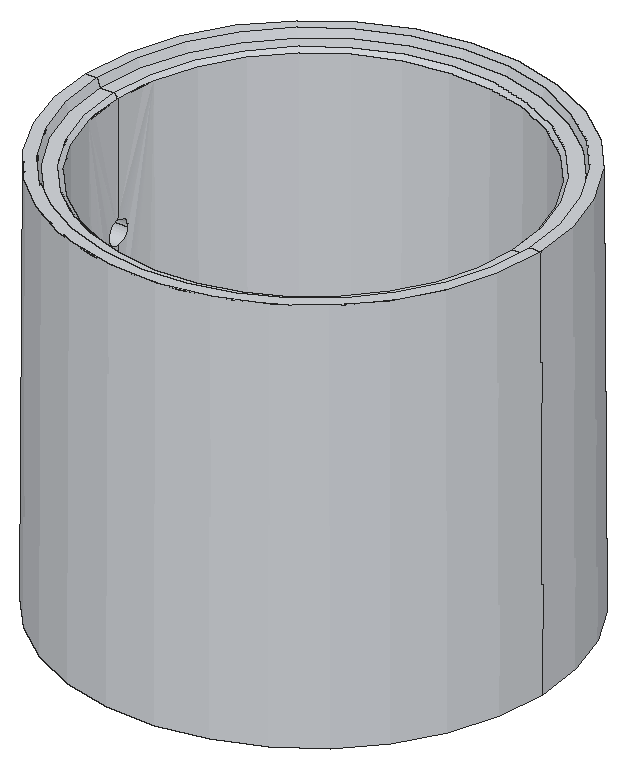
Revit family "Кольцо 1000х1010 с дном с замком КОД", category Обобщенные модели, Revit 2023
Family settings
  Может служить основой для арматурных стержней = Нет
  Размер круглого соединителя = Использовать диаметр
  Тип детали = Нормальный
  На основе рабочей плоскости = Нет
  Всегда вертикально = Да
  При загрузке вырезать с полостями = Нет
  Сохранять ориентацию аннотаций = Нет
  Общий = Нет
  Точка принадлежности помещению = Нет
Parameters (values of type "Кольцо 1000х1010 с дном с замком КОД")
  фаска = 10 mm
  толщина_дна = 100 mm
  толщ_на_h2_расч = (t1 - t2) / 2 * (h1 + h2) / ADSK_Размер_Высота + 10 mm  # 13.342 mm
  толщ_на_h1_расч = (t1 - t2) / 2 * h1 / ADSK_Размер_Высота + 10 mm  # 11.832 mm
  сужение_низ = 5 mm
  отступ_низ = 38 mm
  отступ_верх = 28.5 mm
  выступ = 20 mm
  вырез2 = yes
  вырез1 = yes
  Отметка по умолчанию = 0 mm
  t2 = 80 mm
  t1 = 90 mm
  h2 = 305 mm
  h1 = 370 mm
  d1 = 20 mm * tan(20.00°)  # 7.279 mm
  ADSK_Размер_Диаметр = 1000 mm
  ADSK_Размер_Высота = 1010 mm
  ADSK_Масса = 899
Reference planes
  plane 1 "По центру (Вперед/Назад)": y = 0
  plane 2: z = 0
  plane 3 "По центру (Влево/Вправо)": x = 0
  plane 4: x = 500
  plane 5: x = -500
  plane 6: y = 500
  plane 7: y = -500
  plane 8: z = 990
  plane 9: z = 1010
  plane 10: z = 100
  plane 11: x = -585
  plane 12: x = 585
  plane 13: y = 585
  plane 14: y = -585
  plane 15: y = 580
  plane 16: y = -580
  plane 17: x = -580
  plane 18: x = 580
  plane 19: x = 551.5
  plane 20: x = 544.221
  plane 21: z = 980
  plane 22: x = 510
  plane 23: z = 370
  plane 24: z = 675
  plane 25: y = 495
  plane 26: y = -495
  plane 27: x = -495
  plane 28: x = 495
  plane 29: x = -571.658
  plane 30: x = -573.168
  plane 31: x = 571.658
  plane 32: x = 573.168
Forms (mm)
  Revolve 1, solid
    sketch origin (0, 0, 0) x (1, 0, 0) y (0, 0, 1)
      loop
        line (500, 980) -> (495, 100) -> (0, 100) -> (0, 0) -> (585, 0) -> (580, 1010) -> (551.5, 1010) -> (544.221, 990) -> (510, 990) -> (500, 980)
      axis (0, 0) -> (0, 1010)
    angle from 0 to 360
  Extrusion 2, void
    sketch origin (0, 0, 0) x (0, -1, 0) y (0, 0, 1)
      loop
        circle (0, 675) r 30
    from -571.658 to 571.658
  Extrusion 3, void
    sketch origin (0, 0, 0) x (0, -1, 0) y (0, 0, 1)
      loop
        circle (0, 370) r 30
    from -573.168 to 573.168
Cuts and joins
  Extrusion 2, Extrusion 3 cuts Revolve 1
Dimensions and locks
  equal spacing: plane 5, plane 3 "По центру (Влево/Вправо)", plane 4
  equal spacing: plane 7, plane 1 "По центру (Вперед/Назад)", plane 6
  "ADSK_Размер_Диаметр": plane 5 to plane 4
  "ADSK_Размер_Диаметр": plane 7 to plane 6
  "выступ": plane 9 to plane 8
  "толщина_дна": plane 10 to level
  "t1": plane 11 to plane 27
  "t1": plane 28 to plane 12
  "t2": plane 6 to plane 15
  "t2": plane 16 to plane 7
  "t2": plane 17 to plane 5
  "t2": plane 4 to plane 18
  "отступ_верх": plane 18 to plane 19
  "d1": plane 19 to plane 20
  "фаска": plane 8 to plane 21
  "фаска": plane 22 to plane 4
  "h1": plane 23 to level
  "h2": plane 24 to plane 23
  "ADSK_Размер_Высота": plane 9 to level
  "сужение_низ": plane 5 to plane 27
  "сужение_низ": plane 28 to plane 4
  "сужение_низ": plane 25 to plane 6
  "сужение_низ": plane 7 to plane 26
  "t1": plane 14 to plane 26
  "t1": plane 25 to plane 13
  "толщ_на_h2_расч": plane 29 to plane 11
  "толщ_на_h1_расч": plane 30 to plane 11
  "толщ_на_h2_расч": plane 12 to plane 31
  "толщ_на_h1_расч": plane 12 to plane 32
  aligned and locked: level to plane 2
  aligned and locked: Revolve 1 sketch curve to plane 8
  aligned and locked: Revolve 1 sketch curve to plane 9
  aligned and locked: Revolve 1 sketch curve to level
  aligned and locked: Extrusion 2 to plane 29
  aligned and locked: Extrusion 3 to plane 30
  aligned and locked: plane 31 to Extrusion 2
  aligned and locked: plane 32 to Extrusion 3
  aligned and locked: Revolve 1 sketch curve to plane 3 "По центру (Влево/Вправо)"
  aligned and locked: plane 10 to Revolve 1 sketch curve
Automatic sketch dimensions
  Extrusion 2 sketch curve to plane 1 "По центру (Вперед/Назад)" = 0 mm
  Extrusion 2 sketch curve to plane 24 = 0 mm
  Extrusion 3 sketch curve to plane 1 "По центру (Вперед/Назад)" = 0 mm
  Extrusion 3 sketch curve to plane 23 = 0 mm
  Revolve 1 sketch curve to level = 0 mm
  Revolve 1 sketch curve to plane 3 "По центру (Влево/Вправо)" = 0 mm
  Revolve 1 sketch curve to plane 28 = 0 mm
  Revolve 1 sketch curve to plane 4 = 0 mm
  Revolve 1 sketch curve to plane 22 = 0 mm
  Revolve 1 sketch curve to plane 20 = 0 mm
  Revolve 1 sketch curve to plane 19 = 0 mm
  Revolve 1 sketch curve to plane 18 = 0 mm
  Revolve 1 sketch curve to plane 12 = 0 mm
  Revolve 1 sketch curve to plane 21 = 0 mm
  Revolve 1 sketch curve to plane 9 = 0 mm
  radius of Extrusion 2 sketch curve = 30 mm
  radius of Extrusion 3 sketch curve = 30 mm
